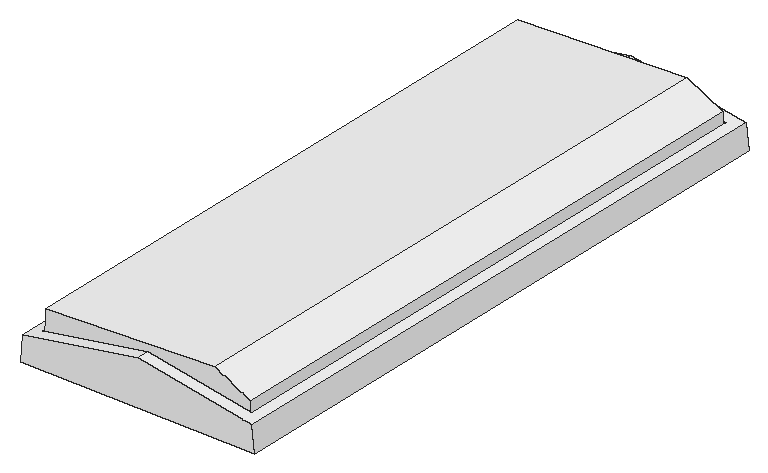
Revit family "JC KONTAKTER JCK109 DE", category Specialty Equipment, host Face, Revit 2025
Family settings
  Host = Face
  Round Connector Dimension = Use Diameter
  Part Type = Normal
  Enable Cutting in Views = Yes
  Cut with Voids When Loaded = No
  Maintain Annotation Orientation = Yes
  Shared = No
  Room Calculation Point = No
Parameters (values of type "JCK109")
  URL = "https://grossflaechentaster.de/produkt/grossflachentaster-kunststoff/grossflachentaster-jck109/"
  Technisches Produktblatt = "https://grossflaechentaster.de/wp-content/uploads/sites/3/Technisches-Produktdatenblatt-_109_DE.pdf"
  Produktgewicht = "0.216 kg."
  Nomineller nennstrom = "12 V - Resistive 6A Inductive L/R 5ms 6A, 24 V - Resistive 6A Inductive L/R 5ms 5A"
  Model = "JCK109"
  Mikroschalter = "Standard NO IP67"
  Manufacturer = "JC kontakter"
  Kern = ABS 750SW (weiss)
  Herstellungsland = "Schweden"
  Geringster nennstrom = "1mA/4 V DC"
  Description = "Dieser Ellenbogentaster ist aus schlagfestem ABS-Kunststoff hergestellt und hat eine flache Tastfläche. Dieses Modell hat eine weiße Tastfläche und einen weißen Rahmen. Vor allem für den Einsatz in Innenbereichen konzipiert, kann aber auch im Freien eingesetzt werden, da er mit einem feuchtigkeitsgeschützten Mikroschalter der IP-Klasse 67 ausgerüstet ist."
  Default Elevation = 800 mm
  Deckel = ABS 750SW (weiss)
  CE-kennzeichnung = "https://jckontakter.se/wp-content/uploads/CE_Dokument.pdf"
  Anzahl der mikroschalter = 1
Reference planes
  plane 1 "Center (Front/Back)": y = 0
  plane 2: z = 0
  plane 3 "Center (Left/Right)": x = 0
  plane 4 "A": y = -122.5
Lines and regions (mm)
  symbolic lines
    curve 1: line (-50, 0, 50) -> (50, 0, 50)
    curve 2: line (-50, 0, 0) -> (-50, 0, 50)
    curve 3: line (50, 0, 0) -> (-50, 0, 0)
    curve 4: line (50, 0, 50) -> (50, 0, 0)
    curve 5: line (-40, 122.5, 0) -> (40, 122.5, 0)
    curve 6: line (-40, -122.5, 0) -> (-40, 122.5, 0)
    curve 7: line (40, -122.5, 0) -> (-40, -122.5, 0)
    curve 8: line (40, 122.5, 0) -> (40, -122.5, 0)
Text (mm)
  text "Entfernen Sie diesen Text vor der Verwendung.\n\nPlatzierungsanweisungen:\n\n1. In das Projekt laden.\n2. Bewegen Sie den Mauszeiger über die Fläche, auf der die Familie platziert werden soll.\n3. Wenn die Familie gedreht angezeigt wird, aktivieren Sie die Option „Nach Platzierung drehen.\n4. Klicken Sie auf die gewünschte Fläche.\n5. Geben Sie den gewünschten Winkel ein.\n6. Drücken Sie die Eingabetaste." at (123.173, 1072.34, 0), in view "Ref. Level"
Dimensions and locks
  aligned and locked: plane 2 to host face
  aligned and locked: level to host face
Nested families
  nested 1: "AK_109" at (0, -122.5, 0) x (1, 0, 0) z (0, 1, 0), type "AK_109"
Definition of nested family "AK_109"
  Parameters (values of type "AK_109")
    URL = "https://jckontakter.se/produkt/armbagskontakter/armbagskontakt-jck109/"
    Model = "JCK109"  # constant formula
    Manufacturer = "JC Kontakter"  # constant formula
    Lid Finish = none
    Default Elevation = 1219.2 mm
    Core Finish = none
    Description = "Robust armbågskontakt i tålig ABS-plast, med vitt lock och vit underdel.\r\nJCK109 levereras med 1st mikrobrytare i IP67, men går även att beställa med fler."  # constant formula
  Reference planes
    plane 1 "Center (Front/Back)": y = 0
    plane 2: z = 0
    plane 3 "Center (Left/Right)": x = 0
    plane 4 "1": x = 47.5
    plane 5 "A": z = 5
    plane 6 "B": z = 245
  Forms (mm)
    Extrusion 1, solid, material <- "Core Finish"
      sketch origin (0, 0, 0) x (1, 0, 0) y (0, 1, 0)
        loop
          line (-47.5, 0) -> (-46.5, -10) -> (0, -18) -> (46.5, -10) -> (47.5, 0) -> (-47.5, 0)
      from 0 to 250
    Extrusion 2, void
      sketch origin (0, 0, 0) x (1, 0, 0) y (0, 1, 0)
        loop
          line (-42.5, -4) -> (-42.5, -18.223) -> (42.5, -18.223) -> (42.5, -4) -> (-42.5, -4)
      from 5 to 245
    Extrusion 3, solid, material <- "Lid Finish"
      sketch origin (0, 0, 5) x (-1, 0, 0) y (0, -1, 0)
        loop
          line (-42, 6) -> (42, 6) -> (41.473, 18.808) -> (-26.802, 21.808) -> (-41.637, 14.808) -> (-42, 6)
      from 0.5 to 239.5
  Cuts and joins
    Extrusion 2 cuts Extrusion 1
  Dimensions and locks
    aligned and locked: level to plane 2
